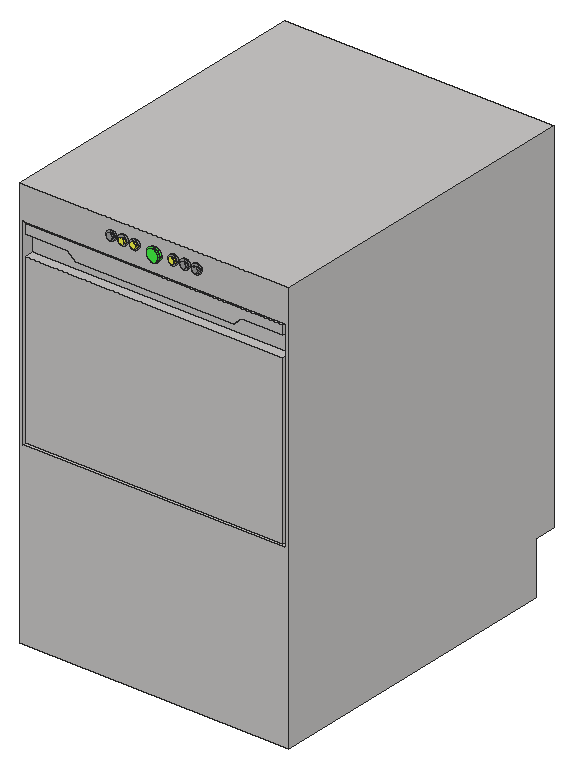
Revit family "QF_ELECTROLUXPROFESSIONAL_402223_ESDICG3", category Specialty Equipment, Revit 2018
Family settings
  Round Connector Dimension = Use Diameter
  Part Type = Normal
  Work Plane-Based = No
  Always vertical = Yes
  Cut with Voids When Loaded = No
  Shared = No
  Room Calculation Point = No
Parameters
  Weight = 37.00 kg
  Watts = 0 W
  Volts = 0 V
  URL Manufacturer = ""
  URL = "http://professional.electrolux.com/"
  Steam Supply Size = 0 mm
  Steam Supply Minimum Pressure = 0.0 Pa
  Steam Supply Maximum Pressure = 0.0 Pa
  Steam Pounds per Hour = 0
  Show Logo [instance] = yes
  Show Clearance [instance] = yes
  Refrigeration Suction Line Size = 0 mm
  Refrigeration Liquid Line Size = 0 mm
  Refrigerant Compressor Remote = yes
  Manufacturer = ""
  Phase = 0
  Model = ""
  Length Actual = 460 mm  # constant formula
  Item Number = ""
  Hot Water Size = 0 mm
  Height Actual = 715 mm  # constant formula
  HP = "6.4 HP"
  Gas Size = 0 mm
  Gas KW = 0
  Gas Input Pressure = 0 W
  Direct Waste Size = 27 mm
  Description = ""
  Depth Actual = 565 mm  # constant formula
  Cycle = 0 Hz
  Condensate Return Size = 0 mm
  Compressed Air Volume = 0.0 L/s
  Compressed Air Size = 0 mm
  Compressed Air Pressure = 0.0 Pa
  Cold Water Size = 0 mm
  Accessory = yes
Types (2, lengths in mm): name | Volts | URL Manufacturer | URL | Manufacturer | Phase | Model | Item Number | Description | Cycle | Cold Water Size
  (no name) | 0 V | "" | "http://professional.electrolux.com/" | "" | 0 | "" | "" | "" | 0 Hz | 0
  Standard | 400 V | "http://professional.electrolux.com" | "http://professional.electrolux.com" | "Electrolux Professional" | 3 | "ESDICG3" | "402223" | "GLASSWASHER(S) INS. DOUBLE SKIN, COLD RINSE, DP, DD, 30B/H,NO PLUG-400V/3N" | 50 Hz | 19.05
Reference planes
  plane 1 "Center (Front/Back)": y = 0
  plane 2: z = 0
  plane 3 "Center (Left/Right)": x = 0
  plane 4 "LEFT": x = -230
  plane 5 "RIGHT": x = 230
  plane 6 "FRONT": y = -282.5
  plane 7 "BACK": y = 282.5
  plane 8: x = -202.5
  plane 9: x = 202.5
  plane 10: z = 715
  plane 11: z = 10
Forms (mm)
  Extrusion 1, solid, material "QF_Finishes_Stainless Steel"
    sketch origin (0, 0, 0) x (1, 0, 0) y (0, 1, 0)
      loop
        line (-230, -282.5) -> (230, -282.5) -> (230, 243.5) -> (-230, 243.5) -> (-230, -282.5)
    from 10 to 715
  Extrusion 2, solid, material "QF_Finishes_Stainless Steel"
    sketch origin (0, 0, 0) x (1, 0, 0) y (0, 1, 0)
      loop
        line (-230, 243.5) -> (230, 243.5) -> (230, 282.5) -> (-230, 282.5) -> (-230, 243.5)
    from 100 to 715
  Extrusion 3, solid, material "QF_Finishes_Stainless Steel"
    sketch origin (0, 0, 0) x (1, 0, 0) y (0, 1, 0)
      loop
        circle (-202.5, 184.5) r 12.5
      loop
        circle (202.5, 184.5) r 12.5
      loop
        circle (-202.5, -235.5) r 12.5
      loop
        circle (202.5, -235.5) r 12.5
    from 0 to 10
  Extrusion 4, void
    sketch origin (-230, -282.5, 0) x (-1, 0, 0) y (0, 0, 1)
      loop
        line (-5, 658.217) -> (-455, 658.217) -> (-455, 315) -> (-5, 315) -> (-5, 658.217)
    from 0 to 30
  Extrusion 5, solid, material "QF_Finishes_Stainless Steel"
    sketch origin (-53, -392, 738) x (0, 0, -1) y (1, 0, 0)
      loop
        circle (693, 213) r 10
    from -635.5 to -674.5
  Extrusion 6, solid, material "QF_Door-Drawer Clearances", visible <- "Show Clearance", detail levels coarse
    sketch origin (-230, -282.5, 0) x (0, 1, 0) y (0, 0, -1)
      loop
        line (0, -315) -> (-315, -315)
        arc (-315, -315) -> (-223.2, -545.869) -> (0, -655) r 344.605
        line (0, -655) -> (0, -315)
    from -10 to -450
  Extrusion 7, solid, material "QF_Finishes_Stainless Steel"
    sketch origin (-242.481, -392, 738) x (0, 0, -1) y (1, 0, 0)
      loop
        circle (663, 322.481) r 8
    from -635.5 to -674.5
  Extrusion 8, solid, material "QF_Finishes_Green"
    sketch origin (234, -282.5, -28.75) x (-1, 0, 0) y (0, 0, -1)
      loop
        circle (234, -714.569) r 10
    from 0 to 5
  Extrusion 9, solid, material "QF_Finishes_Gray"
    sketch origin (234, -282.5, -24.375) x (-1, 0, 0) y (0, 0, -1)
      loop
        circle (306.936, -713.972) r 5
    from 0 to 5
  Extrusion 10, solid, material "QF_Finishes_Stainless Steel"
    sketch origin (-230, -282.5, 0) x (0, 1, 0) y (0, 0, -1)
      loop
        line (0, -319.622) -> (0, -605) -> (15, -605) -> (15, -655) -> (25, -655) -> (25, -319.622) -> (0, -319.622)
    from -10 to -450
  Extrusion 11, solid, material "QF_Finishes_Stainless Steel"
    sketch origin (-230, -282.5, 0) x (0, 1, 0) y (0, 0, -1)
      loop
        line (15, -655) -> (15, -652.514) -> (2.5, -652.514) -> (2.5, -626.25) -> (0, -626.25) -> (0, -655) -> (15, -655)
    from -10 to -450
  Extrusion 12, void
    sketch origin (-230, -282.5, 655) x (0, 0, 1) y (1, 0, 0)
      loop
        line (-15.552, 10) -> (-15.552, 81.607) -> (-28.75, 94.804) -> (-28.75, 10) -> (-15.552, 10)
      loop
        line (-15.552, 450) -> (-28.75, 450) -> (-28.75, 365.196) -> (-15.552, 378.393) -> (-15.552, 450)
    from 0 to 2.5
  Extrusion 13, solid, material "QF_Finishes_Stainless Steel"
    sketch origin (-328, -392, 738) x (0, 0, -1) y (1, 0, 0)
      loop
        circle (663, 228) r 8
    from -635.5 to -674.5
  Extrusion 14, solid, material "QF_Finishes_Green"
    sketch origin (-230, -282.5, 0) x (1, 0, 0) y (0, 0, 1)
      loop
        circle (230, 685.819) r 12
      loop
        circle (230, 685.819) r 10
    from 0 to 2.5
  Extrusion 15, solid, material "QF_Finishes_Gray"
    sketch origin (-210, -282.5, -28.75) x (1, 0, 0) y (0, 0, 1)
      loop
        circle (262.936, 718.347) r 8
      loop
        circle (262.936, 718.347) r 5
      loop
        circle (242.936, 718.347) r 8
      loop
        circle (242.936, 718.347) r 5
      loop
        circle (282.936, 718.347) r 8
      loop
        circle (282.936, 718.347) r 5
    from 0 to 2.5
  Extrusion 16, solid, material "QF_Finishes_Gray"
    sketch origin (-234, -282.5, -24.375) x (1, 0, 0) y (0, 0, 1)
      loop
        circle (286.936, 713.972) r 5
      loop
        circle (306.936, 713.972) r 5
    from 0 to 5
  Extrusion 17, solid, material "QF_Finishes_Gray"
    sketch origin (210, -282.5, -28.75) x (-1, 0, 0) y (0, 0, -1)
      loop
        circle (262.936, -718.347) r 8
      loop
        circle (262.936, -718.347) r 5
      loop
        circle (242.936, -718.347) r 8
      loop
        circle (242.936, -718.347) r 5
      loop
        circle (282.936, -718.347) r 8
      loop
        circle (282.936, -718.347) r 5
    from 0 to 2.5
  Extrusion 18, solid, material "QF_Finishes_Yellow"
    sketch origin (254, -282.5, -24.375) x (-1, 0, 0) y (0, 0, -1)
      loop
        circle (306.936, -713.972) r 5
    from 0 to 5
  Extrusion 19, solid, material "QF_Finishes_Yellow"
    sketch origin (274, -282.5, -24.375) x (-1, 0, 0) y (0, 0, -1)
      loop
        circle (306.936, -713.972) r 5
    from 0 to 5
  Extrusion 20, solid, material "QF_Finishes_Yellow"
    sketch origin (339.871, -282.5, -24.375) x (-1, 0, 0) y (0, 0, -1)
      loop
        circle (306.936, -713.972) r 5
    from 0 to 5
Cuts and joins
  Extrusion 4 cuts Extrusion 1
  joined: Extrusion 1, Extrusion 2
  Extrusion 12 cuts Extrusion 10
  Extrusion 12 cuts Extrusion 11
Lines and regions (mm)
  Split face 1
    outline origin (-230, -282.5, 715) x (0, 0, -1) y (1, 0, 0)
      loop
        line (35, 0) -> (35, 60) -> (49.142, 74.142) -> (49.142, 214.142) -> (11.456, 214.142)
        arc (11.456, 214.142) -> (9.82, 214.82) -> (9.142, 216.456) r 2.314
        line (9.142, 216.456) -> (9.142, 230) -> (9.142, 243.544)
        arc (9.142, 243.544) -> (9.82, 245.18) -> (11.456, 245.858) r 2.314
        line (11.456, 245.858) -> (49.142, 245.858) -> (49.142, 385.858) -> (35, 400) -> (35, 460)
      loop
        line (56.783, 5) -> (56.783, 0)
      loop
        line (56.783, 455) -> (56.783, 460)
  symbolic lines
    curve 1: line (-230, 282.5, 0) -> (230, 282.5, 0)
    curve 2: line (-230, -282.5, 0) -> (-230, 282.5, 0)
    curve 3: line (230, -282.5, 0) -> (-230, -282.5, 0)
    curve 4: line (230, 282.5, 0) -> (230, -282.5, 0)
    curve 9: line (-80.94, -285, 0) -> (-80.94, -282.5, 0)
    curve 10: line (-64.948, -285, 0) -> (-64.948, -282.5, 0)
    curve 11: line (-77.926, -287.5, 0) -> (-67.936, -287.5, 0)
    curve 12: line (-67.936, -287.5, 0) -> (-67.936, -285, 0)
    curve 13: line (-77.926, -287.5, 0) -> (-77.926, -285, 0)
    curve 14: line (-60.936, -285, 0) -> (-44.936, -285, 0)
    curve 15: line (-44.936, -285, 0) -> (-44.936, -282.5, 0)
    curve 16: line (-60.936, -285, 0) -> (-60.936, -282.5, 0)
    curve 17: line (-57.936, -287.5, 0) -> (-47.936, -287.5, 0)
    curve 18: line (-47.936, -287.5, 0) -> (-47.936, -285, 0)
    curve 19: line (-57.936, -287.5, 0) -> (-57.936, -285, 0)
    curve 20: line (-40.936, -285, 0) -> (-24.936, -285, 0)
    curve 21: line (-24.936, -285, 0) -> (-24.936, -282.5, 0)
    curve 22: line (-40.936, -285, 0) -> (-40.936, -282.5, 0)
    curve 23: line (-37.936, -287.5, 0) -> (-27.936, -287.5, 0)
    curve 24: line (-27.936, -287.5, 0) -> (-27.936, -285, 0)
    curve 25: line (-37.936, -287.5, 0) -> (-37.936, -285, 0)
    curve 26: line (24.936, -285, 0) -> (40.936, -285, 0)
    curve 27: line (40.936, -285, 0) -> (40.936, -282.5, 0)
    curve 28: line (27.936, -287.5, 0) -> (37.936, -287.5, 0)
    curve 29: line (37.936, -287.5, 0) -> (37.936, -285, 0)
    curve 30: line (27.936, -287.5, 0) -> (27.936, -285, 0)
    curve 31: line (24.936, -285, 0) -> (24.936, -282.5, 0)
    curve 32: line (-12, -285, 0) -> (12, -285, 0)
    curve 33: line (12, -285, 0) -> (12, -282.5, 0)
    curve 34: line (-12, -285, 0) -> (-12, -282.5, 0)
    curve 35: line (-10, -287.5, 0) -> (10, -287.5, 0)
    curve 36: line (10, -287.5, 0) -> (10, -285, 0)
    curve 37: line (-10, -287.5, 0) -> (-10, -285, 0)
    curve 39: line (44.936, -285, 0) -> (60.936, -285, 0)
    curve 40: line (60.936, -285, 0) -> (60.936, -282.5, 0)
    curve 41: line (47.936, -287.5, 0) -> (57.936, -287.5, 0)
    curve 42: line (57.936, -287.5, 0) -> (57.936, -285, 0)
    curve 43: line (47.936, -287.5, 0) -> (47.936, -285, 0)
    curve 44: line (44.936, -285, 0) -> (44.936, -282.5, 0)
    curve 45: line (64.936, -285, 0) -> (80.936, -285, 0)
    curve 46: line (80.936, -285, 0) -> (80.936, -282.5, 0)
    curve 47: line (67.936, -287.5, 0) -> (77.936, -287.5, 0)
    curve 48: line (77.936, -287.5, 0) -> (77.936, -285, 0)
    curve 49: line (67.936, -287.5, 0) -> (67.936, -285, 0)
    curve 50: line (64.936, -285, 0) -> (64.936, -282.5, 0)
  symbolic lines, style "QF_Door-Drawer Clearances"
    curve 5: line (-220, -597.5, 0) -> (220, -597.5, 0)
    curve 6: line (220, -597.5, 0) -> (220, -282.5, 0)
    curve 7: line (-220, -597.5, 0) -> (-220, -282.5, 0)
  symbolic lines, style "SpecialityEquipment"
    curve 8: line (-80.94, -285, 0) -> (-64.948, -285, 0)
  symbolic lines, style "SpecialityEquipmentHiddenLines"
    curve 38: line (-230, 243.5, 0) -> (230, 243.5, 0)
Dimensions and locks
  equal spacing: plane 4 "LEFT", plane 3 "Center (Left/Right)", plane 5 "RIGHT"
  equal spacing: plane 7 "BACK", plane 1 "Center (Front/Back)", plane 6 "FRONT"
  plane 7 "BACK" to plane 6 "FRONT" = 565 mm
  plane 4 "LEFT" to plane 5 "RIGHT" = 460 mm
  plane 4 "LEFT" to plane 8 = 27.5 mm
  plane 9 to plane 5 "RIGHT" = 27.5 mm
  locked: plane 11 to level at 10
  plane 4 "LEFT" to plane 3 "Center (Left/Right)" = 230 mm
  plane 10 to level = 715 mm  (x2)
  plane 8 to plane 9 = 405 mm
  level to Extrusion 13 sketch curve = 75 mm
  Extrusion 13 sketch curve to plane 4 "LEFT" = 130 mm
  level to Extrusion 5 sketch curve = 45 mm
  Extrusion 5 sketch curve to plane 4 "LEFT" = 390 mm
  Extrusion 7 sketch curve to plane 4 "LEFT" = 310 mm
  level to Extrusion 7 sketch curve = 75 mm
  locked: Extrusion 3 to cut or joined group of Extrusion 1, Extrusion 2, Extrusion 4 at 98
  Extrusion 3 to Extrusion 3 = 420 mm
  locked: plane 6 "FRONT" to Extrusion 3 at 47
  plane 9 to plane 8 = 405 mm
  plane 7 "BACK" to curve 5 = 880 mm
  cut or joined group of Extrusion 10, Extrusion 12 to cut or joined group of Extrusion 1, Extrusion 2, Extrusion 4 = 290 mm
  aligned and locked: level to plane 2
  aligned and locked: Extrusion 1 sketch curve to plane 6 "FRONT"
  aligned and locked: Extrusion 1 sketch curve to plane 4 "LEFT"
  aligned and locked: plane 5 "RIGHT" to Extrusion 1 sketch curve
  aligned and locked: Extrusion 1 to plane 11
  aligned and locked: Extrusion 2 sketch curve to Extrusion 1  (x2)
  aligned and locked: plane 7 "BACK" to Extrusion 2 sketch curve
  aligned and locked: plane 5 "RIGHT" to Extrusion 2 sketch curve
  aligned and locked: plane 11 to Extrusion 3
  aligned and locked: Extrusion 2 to Extrusion 5
  aligned and locked: Extrusion 2 to Extrusion 7
  aligned and locked: plane 7 "BACK" to Extrusion 7
  aligned and locked: plane 7 "BACK" to Extrusion 5
  aligned and locked: cut or joined group of Extrusion 11, Extrusion 12 to Extrusion 12
  aligned and locked: plane 10 to Extrusion 2
Automatic sketch dimensions
  curve 1 to plane 4 "LEFT" = 0 mm
  curve 7 to plane 6 "FRONT" = 0 mm
  curve 4 to plane 5 "RIGHT" = 0 mm
  curve 2 to plane 7 "BACK" = 0 mm
  plane 4 "LEFT" to curve 5 = 10 mm
  curve 8 to plane 6 "FRONT" = 2.5 mm
  curve 8 to plane 3 "Center (Left/Right)" = 80.94 mm
  curve 8 to curve 11 = 3.013 mm
  curve 11 to curve 11 = 9.991 mm
  curve 12 to curve 10 = 2.987 mm
  curve 8 to curve 16 = 4.013 mm
  curve 14 to curve 19 = 3 mm
  curve 17 to plane 6 "FRONT" = 5 mm
  curve 17 to curve 17 = 10 mm
  curve 18 to curve 14 = 3 mm
  curve 14 to curve 20 = 4 mm
  curve 20 to curve 25 = 3 mm
  curve 24 to plane 6 "FRONT" = 5 mm
  curve 23 to curve 24 = 10 mm
  curve 24 to curve 21 = 3 mm
  curve 34 to plane 6 "FRONT" = 2.5 mm
  curve 34 to plane 3 "Center (Left/Right)" = 12 mm
  curve 32 to curve 37 = 2 mm
  plane 3 "Center (Left/Right)" to curve 36 = 10 mm
  curve 36 to curve 33 = 2 mm
  curve 26 to plane 6 "FRONT" = 2.5 mm
  curve 32 to curve 26 = 12.936 mm
  curve 26 to curve 30 = 3 mm
  curve 28 to plane 6 "FRONT" = 5 mm
  curve 28 to curve 28 = 10 mm
  curve 29 to curve 27 = 3 mm
  curve 26 to curve 44 = 4 mm
  curve 39 to curve 43 = 3 mm
  curve 41 to plane 6 "FRONT" = 5 mm
  curve 41 to curve 41 = 10 mm
  curve 42 to curve 39 = 3 mm
  curve 39 to curve 50 = 4 mm
  curve 45 to curve 47 = 3 mm
  curve 47 to plane 6 "FRONT" = 5 mm
  curve 47 to curve 47 = 10 mm
  curve 48 to curve 45 = 3 mm
  curve 6 to plane 5 "RIGHT" = 10 mm
  curve 35 to curve 36 = 2.5 mm
  curve 11 to curve 13 = 2.5 mm
  curve 15 to plane 6 "FRONT" = 2.5 mm
  curve 20 to plane 6 "FRONT" = 2.5 mm
  curve 40 to plane 6 "FRONT" = 2.5 mm
  curve 45 to plane 6 "FRONT" = 2.5 mm
  curve 38 to plane 7 "BACK" = 39 mm
  Extrusion 1 sketch curve to plane 7 "BACK" = 39 mm
  Extrusion 3 sketch curve to plane 8 = 0 mm  (x2)
  Extrusion 3 sketch curve to plane 9 = 0 mm  (x2)
  plane 6 "FRONT" to Extrusion 3 sketch curve = 47 mm  (x2)
  Extrusion 3 sketch curve to plane 7 "BACK" = 98 mm  (x2)
  Extrusion 4 sketch curve to Extrusion 1 = 5 mm  (x2)
  Extrusion 4 sketch curve to Extrusion 1 = 305 mm
  Extrusion 4 sketch curve to Extrusion 1 = 56.783 mm
  Extrusion 6 sketch curve to plane 6 "FRONT" = 0 mm
  Extrusion 6 sketch curve to plane 6 "FRONT" = 315 mm
  plane 6 "FRONT" to Extrusion 6 sketch curve = 29.589 mm
  Extrusion 6 sketch curve to plane 10 = 60 mm
  plane 11 to Extrusion 6 sketch curve = 305 mm
  Extrusion 8 sketch curve to Extrusion 8 sketch curve = 0 mm  (x2)
  Extrusion 8 sketch curve to plane 3 "Center (Left/Right)" = 0 mm
  Extrusion 8 sketch curve to plane 10 = 29.181 mm
  plane 3 "Center (Left/Right)" to Extrusion 8 sketch curve = 10 mm
  Extrusion 9 sketch curve to Extrusion 9 sketch curve = 0 mm  (x2)
  Extrusion 9 sketch curve to plane 10 = 25.403 mm
  Extrusion 9 sketch curve to plane 3 "Center (Left/Right)" = 72.936 mm
  Extrusion 9 sketch curve to Extrusion 9 sketch curve = 5 mm
  Extrusion 10 sketch curve to plane 6 "FRONT" = 0 mm
  plane 6 "FRONT" to Extrusion 10 sketch curve = 15 mm
  Extrusion 10 sketch curve to Extrusion 10 sketch curve = 25 mm
  Extrusion 10 sketch curve to plane 10 = 60 mm
  Extrusion 10 sketch curve to Extrusion 10 sketch curve = 50 mm
  Extrusion 10 sketch curve to Extrusion 10 sketch curve = 285.378 mm
  Extrusion 11 sketch curve to plane 6 "FRONT" = 0 mm
  Extrusion 11 sketch curve to Extrusion 11 sketch curve = 2.5 mm
  Extrusion 11 sketch curve to Extrusion 11 sketch curve = 12.5 mm
  Extrusion 11 sketch curve to plane 10 = 60 mm
  Extrusion 11 sketch curve to Extrusion 11 sketch curve = 2.486 mm
  Extrusion 11 sketch curve to Extrusion 11 sketch curve = 26.264 mm
  Extrusion 12 sketch curve to Extrusion 11 = 0 mm  (x3)
  Extrusion 11 to Extrusion 12 sketch curve = 0 mm
  Extrusion 12 sketch curve to Extrusion 11 = 13.198 mm  (x2)
  Extrusion 12 sketch curve to Extrusion 11 = 71.607 mm
  Extrusion 12 sketch curve to Extrusion 12 sketch curve = 13.198 mm  (x2)
  Extrusion 12 sketch curve to Extrusion 11 = 84.804 mm
  Extrusion 14 sketch curve to Extrusion 14 sketch curve = 0 mm  (x2)
  Extrusion 1 to Extrusion 14 sketch curve = 29.181 mm
  Extrusion 1 to Extrusion 14 sketch curve = 230 mm
  Extrusion 15 sketch curve to Extrusion 15 sketch curve = 0 mm  (x8)
  plane 3 "Center (Left/Right)" to Extrusion 15 sketch curve = 32.936 mm
  Extrusion 15 sketch curve to Extrusion 15 sketch curve = 20 mm  (x2)
  Extrusion 15 sketch curve to plane 10 = 25.403 mm
  Extrusion 16 sketch curve to Extrusion 16 sketch curve = 0 mm  (x5)
  Extrusion 16 sketch curve to plane 10 = 25.403 mm
  plane 3 "Center (Left/Right)" to Extrusion 16 sketch curve = 52.936 mm
  Extrusion 16 sketch curve to Extrusion 16 sketch curve = 20 mm
  Extrusion 16 sketch curve to Extrusion 16 sketch curve = 5 mm  (x2)
  Split face 1 sketch curve to cut or joined group of Extrusion 1, Extrusion 2, Extrusion 4 = 0 mm  (x6)
  cut or joined group of Extrusion 1, Extrusion 2, Extrusion 4 to Split face 1 sketch curve = 0 mm  (x2)
  cut or joined group of Extrusion 1, Extrusion 2, Extrusion 4 to Split face 1 sketch curve = 7.641 mm  (x2)
  Split face 1 sketch curve to Split face 1 sketch curve = 14.142 mm  (x4)
  Split face 1 sketch curve to cut or joined group of Extrusion 1, Extrusion 2, Extrusion 4 = 11.456 mm  (x2)
  Split face 1 sketch curve to cut or joined group of Extrusion 1, Extrusion 2, Extrusion 4 = 9.142 mm
  Split face 1 sketch curve to cut or joined group of Extrusion 1, Extrusion 2, Extrusion 4 = 55 mm
  Split face 1 sketch curve to Split face 1 sketch curve = 140 mm
  Split face 1 sketch curve to Split face 1 sketch curve = 13.544 mm  (x2)
  Split face 1 sketch curve to cut or joined group of Extrusion 1, Extrusion 2, Extrusion 4 = 69.142 mm
  Extrusion 17 sketch curve to Extrusion 17 sketch curve = 0 mm  (x8)
  Extrusion 17 sketch curve to plane 3 "Center (Left/Right)" = 32.936 mm
  Extrusion 17 sketch curve to Extrusion 17 sketch curve = 20 mm  (x2)
  Extrusion 17 sketch curve to plane 10 = 25.403 mm
  Extrusion 18 sketch curve to Extrusion 18 sketch curve = 0 mm  (x2)
  Extrusion 18 sketch curve to plane 10 = 25.403 mm
  Extrusion 18 sketch curve to plane 3 "Center (Left/Right)" = 52.936 mm
  Extrusion 18 sketch curve to Extrusion 18 sketch curve = 5 mm
  Extrusion 19 sketch curve to Extrusion 19 sketch curve = 0 mm  (x2)
  Extrusion 19 sketch curve to plane 3 "Center (Left/Right)" = 32.936 mm
  Extrusion 19 sketch curve to plane 10 = 25.403 mm
  Extrusion 19 sketch curve to Extrusion 19 sketch curve = 5 mm
  Extrusion 20 sketch curve to Extrusion 20 sketch curve = 0 mm  (x2)
  plane 3 "Center (Left/Right)" to Extrusion 20 sketch curve = 32.936 mm
  Extrusion 20 sketch curve to plane 10 = 25.403 mm
  Extrusion 20 sketch curve to Extrusion 20 sketch curve = 5 mm
  radius of Extrusion 5 sketch curve = 10 mm
  radius of Extrusion 7 sketch curve = 8 mm
  radius of Extrusion 13 sketch curve = 8 mm
  radius of Extrusion 3 sketch curve = 12.5 mm  (x4)
  radius of Extrusion 14 sketch curve = 12 mm
  radius of Extrusion 14 sketch curve = 10 mm
  radius of Extrusion 15 sketch curve = 8 mm  (x3)
  radius of Extrusion 15 sketch curve = 5 mm  (x3)
  radius of Extrusion 17 sketch curve = 8 mm  (x3)
  radius of Extrusion 17 sketch curve = 5 mm  (x3)
Connectors
  piping at (160, 282.5, 45), diameter 20
    settings: on Extrusion 5, index 1, connector inside diameter 609.6 mm, connector length 0 mm, flow factor 0, pipe flow 0.0 L/s, pressure drop 0.0 Pa, fitting loss kfactor 0, connector angle 0.00°, fixture units 0, engagement length 0 mm, angle of deflection 0.00°, flow configuration 1, flow direction 1, fitting loss method 0, system type 16, joint type 0, gender type 0, connector reference index -1, connector utility 0, adjustable connector no, is connector primary yes, connector description "Drain"
  piping at (80, 282.5, 75), driven by "Cold Water Size"
    settings: on Extrusion 7, index 3, connector diameter 0 mm, connector inside diameter 609.6 mm, connector length 0 mm, flow factor 0, pipe flow 0.0 L/s, pressure drop 0.0 Pa, fitting loss kfactor 0, connector angle 0.00°, fixture units 0, engagement length 0 mm, angle of deflection 0.00°, flow configuration 1, flow direction 1, fitting loss method 0, system type 20, joint type 0, gender type 0, connector reference index -1, connector utility 0, adjustable connector no, is connector primary no, connector description "Cold Water Inlet"
  electrical at (-100, 282.5, 75), driven by "Volts"
    settings: on Extrusion 13, index 4, voltage 0 V, apparent load 0 VA, apparent load phase1 0 VA, apparent load phase2 0 VA, apparent load phase3 0 VA, power factor 1, load classification "Altro", number of poles 1, system type 31, power factor state 1, is connector primary yes, connector utility no, sub classification motor no, connector description "Electrical Connection"
